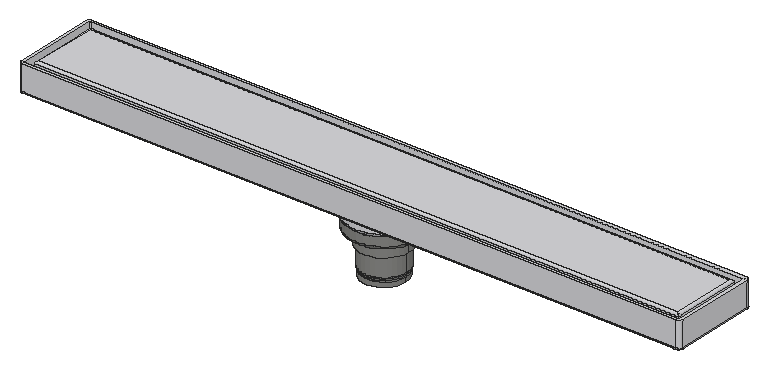
Revit family "Shower-Drain-KOHLER-K-75423T_1", category Plumbing Fixtures, host Face, Revit 2017
Family settings
  Host = Face
  Round Connector Dimension = Use Diameter
  Part Type = Normal
  OmniClass Number = 23.31.17.29
  OmniClass Title = Shower Drains
  Cut with Voids When Loaded = No
  Shared = No
  Room Calculation Point = No
Parameters (values of type "CP-Polished Chrome")
  Width = 3.14961"  # constant formula
  WaterSense Certified = 1 = 0  # no
  Waste Water Outlet = "Waste Water Outlet"  # constant formula
  Waste Connection = 1 = 1  # yes
  Vent Connection = 1 = 0  # no
  URL = "http://www.kohler.com.cn/"
  Product Page URL = "https://www.kohler.com.cn/product/K-75423T-CP/K-75423T-CP/"
  Product Name = ""
  Product Documentation Link = "https://files.kohler.com.cn/pdfs/1524222913094_K-75423T-CP-sms.pdf"
  Model = "K-75423T-CP"  # constant formula
  Material = "Premium Metal Construction"  # constant formula
  MasterFormat 2004 = "22.41.16"  # constant formula
  MasterFormat 1995 = "15410"  # constant formula
  Manufacturer Address = "Kohler Beijing Office (100016) 36-2-03-B, No. 88, Liuxiang Road, Beijing"  # constant formula
  Manufacturer = "KOHLER Co."  # constant formula
  Length = 23.62205"  # constant formula
  Hot Water Inlet = "Hot Water Inlet"  # constant formula
  Height = 3.30709"  # constant formula
  HW Connection = 1 = 0  # no
  Finish = Kohler-Metal-CP-Polished_Chrome
  Environmental Product Declaration = ""
  Drain Included = 1 = 1  # yes
  Description = "Large traffic is hidden."  # constant formula
  Default Elevation = 0"
  Declare Label = ""
  Date Modified = "10/19/2020"  # constant formula
  Date Created = "10/19/2020"  # constant formula
  Copyright = "Copyright KOHLER Co."  # constant formula
  Contact Us = "http://www.kohler.com.cn/contact/contact-us/"
  Cold Water Inlet = "Cold Water Inlet"  # constant formula
  CW Connection = 1 = 0  # no
  Assembly Code = "D2010"
  ADA Compliant = 1 = 0  # no
Reference planes (in)
  plane 1 "Center (Front/Back)": y = 0
  plane 2: z = 0
  plane 3 "Center (Left/Right)": x = 0
  plane 4: y = 1.5748
  plane 5: y = -1.5748
  plane 6: x = -11.81102
  plane 7: y = 1.46887
  plane 8: y = 1.24016
  plane 9: y = -1.24016
  plane 10: x = 11.81102
  plane 11: x = 11.49714
  plane 12: x = -11.49714
  plane 13: x = -1.26161
  plane 14: x = -0.88583
  plane 15: x = -0.80702
  plane 16: z = -3.30709
  plane 17: z = -1.81102
  plane 18: z = -0.94488
  plane 19: x = 1.26161
  plane 20: x = 0.88583
  plane 21: x = 0.80702
Forms (in)
  Extrusion 1, void
    sketch origin (0, 0, 0) x (1, 0, 0) y (0, 1, 0)
      loop
        line (-11.81102, 1.43459) -> (-11.81102, -1.43418)
        arc (-11.81102, -1.43418) -> (-11.76984, -1.53362) -> (-11.6704, -1.5748) r 0.14062
        line (-11.6704, -1.5748) -> (11.6704, -1.5748)
        arc (11.6704, -1.5748) -> (11.76984, -1.53362) -> (11.81102, -1.43418) r 0.14062
        line (11.81102, -1.43418) -> (11.81102, 1.43418)
        arc (11.81102, 1.43418) -> (11.76984, 1.53362) -> (11.6704, 1.5748) r 0.14062
        line (11.6704, 1.5748) -> (-11.67081, 1.5748)
        arc (-11.67081, 1.5748) -> (-11.76996, 1.53374) -> (-11.81102, 1.43459) r 0.14021
    from -0.94908 to 0.93767
  Extrusion 2, void
    sketch origin (0, 0, 0) x (1, 0, 0) y (0, 1, 0)
      loop
        circle (0, 0) r 1.26161
    from -3.30709 to -0.76802
Dimensions and locks (in)
  locked: plane 9 to plane 8 at 2.48031
  locked: plane 12 to plane 11 at 22.99429
  locked: plane 13 to plane 19 at 2.52322
  plane 14 to plane 20 = 1.77165"
  plane 15 to plane 21 = 1.61405"
  "Length": plane 6 to plane 10
  "Width": plane 4 to plane 5
  "Height": plane 2 to plane 16
  locked: plane 2 to plane 18 at 0.94488
  locked: plane 2 to plane 17 at 1.81102
  aligned and locked: plane 2 to host face
  aligned and locked: level to host face
Automatic sketch dimensions
  host sketch curve to host sketch curve = 96"  (x2)
  Extrusion 1 sketch curve to plane 10 = 0"
  plane 1 "Center (Front/Back)" to Extrusion 2 sketch curve = 0"
  Extrusion 2 sketch curve to plane 3 "Center (Left/Right)" = 0"
  Extrusion 1 sketch curve to plane 7 = 0.03428"
  Extrusion 1 sketch curve to Extrusion 1 sketch curve = 9/64"
  Extrusion 1 sketch curve to plane 5 = 9/64"
  Extrusion 1 sketch curve to plane 7 = 0.03469"
  Extrusion 1 sketch curve to plane 4 = 0"
  plane 5 to Extrusion 1 sketch curve = 0"
  Extrusion 1 sketch curve to plane 6 = 0"
  radius of Extrusion 2 sketch curve = 1.26161"
Nested families (in)
  nested 1: "K-75423T" at (0, 0, -3.83696), type "K-75423T"
Connectors (in)
  piping at (0, 0, -3.30709), diameter 1.5, driven by "Waste Connection", driven by "Waste Water Outlet"
    settings: on nested 1, index 1, connector inside diameter 24", connector length 0", flow factor 0, pipe flow 0 GPM, pressure drop 0.00 psi, fitting loss kfactor 0, connector angle 0.00°, fixture units 0, engagement length 0", angle of deflection 0.00°, flow configuration 0, flow direction 2, fitting loss method 0, system type 16, joint type 0, gender type 0, connector reference index -1, connector utility 1, adjustable connector no, is connector primary yes, connector description "Waste Water Outlet"
Definition of nested family "K-75423T"
  Parameters (values of type "K-75423T")
    Material = none
  Reference planes (in)
    plane 1 "Center (Front/Back)": y = 0
    plane 2: z = 0
    plane 3 "Center (Left/Right)": x = 0
    plane 4: x = -11.81102
    plane 5: x = 11.81102
    plane 6: y = -1.5748
    plane 7: z = 3.83696
    plane 8: z = 2.89208
    plane 9: z = 0.52987
    plane 10: z = 2.02593
    plane 11: x = -0.88583
    plane 12: x = 0.88583
    plane 13: x = -0.80702
    plane 14: x = 0.80702
    plane 15: x = -1.26161
    plane 16: x = 1.26161
    plane 17: y = 1.5748
    plane 18: y = 1.24016
    plane 19: y = -1.24016
    plane 20: x = -11.49714
    plane 21: x = 11.49714
    plane 22: y = -1.26104
    plane 23: y = 1.26104
    plane 24: y = -0.88583
    plane 25: y = 0.88583
    plane 26: y = -0.80645
    plane 27: y = 0.80645
  Forms (in)
    Sweep 1, solid, material <- "Material", detail levels medium+fine
      path origin (0, 0, 0) x (1, 0, 0) y (0, 1, 0)
        loop
          line (11.6704, 1.5748) -> (-11.67081, 1.5748)
          arc (-11.67081, 1.5748) -> (-11.76996, 1.53374) -> (-11.81102, 1.43459) r 0.14021
          line (-11.81102, 1.43459) -> (-11.81102, -1.43418)
          arc (-11.81102, -1.43418) -> (-11.76984, -1.53362) -> (-11.6704, -1.5748) r 0.14063
          line (-11.6704, -1.5748) -> (11.6704, -1.5748)
          arc (11.6704, -1.5748) -> (11.76984, -1.53362) -> (11.81102, -1.43418) r 0.14063
          line (11.81102, -1.43418) -> (11.81102, 1.43418)
          arc (11.81102, 1.43418) -> (11.76984, 1.53362) -> (11.6704, 1.5748) r 0.14063
      profile origin (11.81102, 0, 0) x (1, 0, 0) y (0, 0, 1)
        loop
          line (0, 3.83696) -> (-0.10593, 3.83696) -> (-0.10593, 2.89208) -> (-0.06037, 2.89208)
          arc (-0.06037, 2.89208) -> (-0.01768, 2.90976) -> (0, 2.95244) r 0.06037
          line (0, 2.95244) -> (0, 3.83696)
    Sweep 2, solid, material <- "Material", detail levels medium+fine
      path origin (0, 0, 0) x (1, 0, 0) y (0, 1, 0)
        loop
          line (-11.49606, -1.24016) -> (11.49606, -1.24016) -> (11.49606, 1.24016) -> (-11.49606, 1.24016) -> (-11.49606, -1.24016)
      profile origin (-11.49606, 0, 0) x (-1, 0, 0) y (0, 0, 1)
        loop
          line (0, 3.29861) -> (0, 3.75)
          arc (0, 3.75) -> (-0.02306, 3.80568) -> (-0.07874, 3.82874) r 0.07874
          line (-0.07874, 3.82874) -> (-0.07874, 3.25793) -> (-0.04068, 3.25793)
          arc (-0.04068, 3.25793) -> (-0.01192, 3.26985) -> (0, 3.29861) r 0.04068
    Extrusion 3, solid, material <- "Material", detail levels medium+fine
      sketch origin (0, 0, 0) x (1, 0, 0) y (0, 1, 0)
        loop
          line (-11.41732, 1.16142) -> (-11.41732, -1.16142) -> (11.41732, -1.16142) -> (11.41732, 1.16142) -> (-11.41732, 1.16142)
      from 3.25793 to 3.82874
    Extrusion 4, solid, material <- "Material", detail levels medium+fine
      sketch origin (0, 0, 0) x (1, 0, 0) y (0, 1, 0)
        loop
          line (11.70509, -1.46887) -> (11.70509, 1.46887) -> (-11.70509, 1.46887) -> (-11.70509, -1.46887) -> (11.70509, -1.46887)
      from 2.89208 to 2.90249
    Revolve 5, solid, detail levels medium+fine
      sketch origin (0, 0, 0) x (1, 0, 0) y (0, 0, 1)
        loop
          line (0, 0.52987) -> (0.7672, 0.52987) -> (0.7672, 0.69986)
          arc (0.7672, 0.69986) -> (0.7697, 0.72846) -> (0.77713, 0.7562) r 0.16472
          line (0.77713, 0.7562) -> (0.80067, 0.82088)
          arc (0.80067, 0.82088) -> (0.80542, 0.83861) -> (0.80702, 0.8569) r 0.10531
          line (0.80702, 0.8569) -> (0.80702, 1.53346) -> (0.88583, 1.53346) -> (0.88583, 2.02593) -> (1.18316, 2.02593)
          arc (1.18316, 2.02593) -> (1.22211, 2.04207) -> (1.23824, 2.08102) r 0.05509
          line (1.23824, 2.08102) -> (1.23824, 2.41142) -> (1.18406, 2.41142) -> (0, 2.41142) -> (0, 0.52987)
        axis (0, 0.52987) -> (0, 2.41142)
      angle from 0 to 360
    Revolve 6, solid, material <- "Material", detail levels medium+fine
      sketch origin (0, 0, 0) x (1, 0, 0) y (0, 0, 1)
        loop
          line (1.26161, 2.48753) -> (1.26161, 2.92303) -> (0, 2.92303) -> (0, 2.41142) -> (1.18549, 2.41142)
          arc (1.18549, 2.41142) -> (1.23931, 2.43371) -> (1.26161, 2.48753) r 0.07612
        axis (0, 2.41142) -> (0, 2.92303)
      angle from 0 to 360
    Extrusion 7, solid, material <- "Material", detail levels coarse
      sketch origin (0, 0, 0) x (1, 0, 0) y (0, 1, 0)
        loop
          line (11.6704, 1.5748) -> (-11.67081, 1.5748)
          arc (-11.67081, 1.5748) -> (-11.76996, 1.53374) -> (-11.81102, 1.43459) r 0.14021
          line (-11.81102, 1.43459) -> (-11.81102, -1.43418)
          arc (-11.81102, -1.43418) -> (-11.76984, -1.53362) -> (-11.6704, -1.5748) r 0.14062
          line (-11.6704, -1.5748) -> (11.6704, -1.5748)
          arc (11.6704, -1.5748) -> (11.76984, -1.53362) -> (11.81102, -1.43418) r 0.14062
          line (11.81102, -1.43418) -> (11.81102, 1.43418)
          arc (11.81102, 1.43418) -> (11.76984, 1.53362) -> (11.6704, 1.5748) r 0.14062
      from 2.89208 to 3.83696
    Extrusion 8, solid, material <- "Material", detail levels coarse
      sketch origin (0, 0, 0) x (1, 0, 0) y (0, 1, 0)
        loop
          circle (0, 0) r 1.26005
      from 0.52987 to 2.89208
  Cuts and joins
    joined: Sweep 2, Extrusion 3
    joined: Sweep 1, Extrusion 4
    joined: Extrusion 7, Extrusion 8
  Lines and regions (in)
    Masking region 1
      outline origin (0, 0, 0) x (1, 0, 0) y (0, 1, 0)
        loop
          line (11.67283, 1.5748) -> (-11.67323, 1.5748)
          arc (-11.67323, 1.5748) -> (-11.77066, 1.53444) -> (-11.81102, 1.43701) r 0.1378
          line (-11.81102, 1.43701) -> (-11.81102, -1.43701)
          arc (-11.81102, -1.43701) -> (-11.77066, -1.53444) -> (-11.67323, -1.5748) r 0.1378
          line (-11.67323, -1.5748) -> (11.67323, -1.5748)
          arc (11.67323, -1.5748) -> (11.77066, -1.53444) -> (11.81102, -1.43701) r 0.1378
          line (11.81102, -1.43701) -> (11.81102, 1.43661)
          arc (11.81102, 1.43661) -> (11.77055, 1.53433) -> (11.67283, 1.5748) r 0.13819
    Masking region 2
      outline origin (0, 0, 0) x (1, 0, 0) y (0, 0, 1)
        loop
          arc (-11.81102, 2.95235) -> (-11.79337, 2.90973) -> (-11.75075, 2.89208) r 0.06027
          line (-11.75075, 2.89208) -> (-1.26161, 2.89208) -> (-1.26161, 2.4872)
          arc (-1.26161, 2.4872) -> (-1.23941, 2.43361) -> (-1.18562, 2.41134) r 0.07578
          line (-1.18562, 2.41134) -> (-1.23649, 2.41134) -> (-1.23649, 2.07713)
          arc (-1.23649, 2.07713) -> (-1.22149, 2.04093) -> (-1.18529, 2.02593) r 0.0512
          line (-1.18529, 2.02593) -> (-0.88583, 2.02593) -> (-0.88583, 1.53346) -> (-0.80702, 1.53346) -> (-0.80702, 0.86609)
          arc (-0.80702, 0.86609) -> (-0.805, 0.84252) -> (-0.79897, 0.81964) r 0.13795
          line (-0.79897, 0.81964) -> (-0.7785, 0.7624)
          arc (-0.7785, 0.7624) -> (-0.77004, 0.72437) -> (-0.7672, 0.68553) r 0.26699
          line (-0.7672, 0.68553) -> (-0.7672, 0.52987) -> (0.7672, 0.52987) -> (0.7672, 0.68553)
          arc (0.7672, 0.68553) -> (0.77004, 0.72437) -> (0.7785, 0.7624) r 0.26699
          line (0.7785, 0.7624) -> (0.79897, 0.81964)
          arc (0.79897, 0.81964) -> (0.805, 0.84252) -> (0.80702, 0.86609) r 0.13795
          line (0.80702, 0.86609) -> (0.80702, 1.53346) -> (0.88583, 1.53346) -> (0.88583, 2.02593) -> (1.18529, 2.02593)
          arc (1.18529, 2.02593) -> (1.22149, 2.04093) -> (1.23649, 2.07713) r 0.0512
          line (1.23649, 2.07713) -> (1.23649, 2.41134) -> (1.18583, 2.41142)
          arc (1.18583, 2.41142) -> (1.23941, 2.43361) -> (1.26161, 2.4872) r 0.07578
          line (1.26161, 2.4872) -> (1.26161, 2.89208) -> (11.7516, 2.89208)
          arc (11.7516, 2.89208) -> (11.79362, 2.90948) -> (11.81102, 2.9515) r 0.05942
          line (11.81102, 2.9515) -> (11.81102, 3.83696) -> (-11.81102, 3.83696) -> (-11.81102, 2.95235)
    Masking region 3
      outline origin (0, 0, 0) x (0, 1, 0) y (0, 0, 1)
        loop
          line (-1.26104, 2.89208) -> (-1.26104, 2.4872)
          arc (-1.26104, 2.4872) -> (-1.23884, 2.43361) -> (-1.18525, 2.41142) r 0.07578
          line (-1.18525, 2.41142) -> (-1.23591, 2.41134) -> (-1.23591, 2.07713)
          arc (-1.23591, 2.07713) -> (-1.22092, 2.04093) -> (-1.18471, 2.02593) r 0.0512
          line (-1.18471, 2.02593) -> (-0.88583, 2.02593) -> (-0.88583, 1.53346) -> (-0.80645, 1.53346) -> (-0.80645, 0.86609)
          arc (-0.80645, 0.86609) -> (-0.80442, 0.84252) -> (-0.7984, 0.81964) r 0.13795
          line (-0.7984, 0.81964) -> (-0.77793, 0.7624)
          arc (-0.77793, 0.7624) -> (-0.76947, 0.72437) -> (-0.76662, 0.68553) r 0.26699
          line (-0.76662, 0.68553) -> (-0.76662, 0.52987) -> (0.76777, 0.52987) -> (0.76777, 0.68553)
          arc (0.76777, 0.68553) -> (0.77061, 0.72437) -> (0.77908, 0.7624) r 0.26699
          line (0.77908, 0.7624) -> (0.7984, 0.81643)
          arc (0.7984, 0.81643) -> (0.80442, 0.83931) -> (0.80645, 0.86288) r 0.13795
          line (0.80645, 0.86288) -> (0.80645, 1.53346) -> (0.88583, 1.53346) -> (0.88583, 2.02593) -> (1.18586, 2.02593)
          arc (1.18586, 2.02593) -> (1.22206, 2.04093) -> (1.23706, 2.07713) r 0.0512
          line (1.23706, 2.07713) -> (1.23706, 2.41134) -> (1.18619, 2.41134)
          arc (1.18619, 2.41134) -> (1.23884, 2.43361) -> (1.26104, 2.4872) r 0.07578
          line (1.26104, 2.4872) -> (1.26104, 2.89208) -> (1.51693, 2.89208)
          arc (1.51693, 2.89208) -> (1.55785, 2.90903) -> (1.5748, 2.94995) r 0.05788
          line (1.5748, 2.94995) -> (1.5748, 3.83696) -> (-1.5748, 3.83696) -> (-1.5748, 2.95205)
          arc (-1.5748, 2.95205) -> (-1.55724, 2.90964) -> (-1.51483, 2.89208) r 0.05998
          line (-1.51483, 2.89208) -> (-1.26104, 2.89208)
    symbolic lines, detail levels medium+fine
      curve 1: line (-11.67081, 1.46887, 0) -> (11.6704, 1.46887, 0)
      curve 2: arc (11.6704, 1.46887, 0) -> (11.69493, 1.45871, 0) -> (11.70509, 1.43418, 0) r 0.03469
      curve 3: line (11.70509, 1.43418, 0) -> (11.70509, -1.43418, 0)
      curve 4: arc (11.70509, -1.43418, 0) -> (11.69493, -1.45871, 0) -> (11.6704, -1.46887, 0) r 0.03469
      curve 5: line (11.6704, -1.46887, 0) -> (-11.6704, -1.46887, 0)
      curve 6: arc (-11.6704, -1.46887, 0) -> (-11.69493, -1.45871, 0) -> (-11.70509, -1.43418, 0) r 0.03469
      curve 7: line (-11.70509, -1.43418, 0) -> (-11.70509, 1.43459, 0)
      curve 8: arc (-11.70509, 1.43459, 0) -> (-11.69505, 1.45883, 0) -> (-11.67081, 1.46887, 0) r 0.03428
      curve 9: line (-11.49714, -1.20079, 0) -> (-11.49714, 1.20079, 0)
      curve 10: line (11.45777, 1.24016, 0) -> (-11.45777, 1.24016, 0)
      curve 11: line (11.45777, -1.24016, 0) -> (-11.45777, -1.24016, 0)
      curve 12: line (11.49714, -1.20079, 0) -> (11.49714, 1.20079, 0)
      curve 13: line (-1.26161, 0, 2.89208) -> (1.26161, 0, 2.89208)
      curve 14: line (-1.21095, 0, 2.41142) -> (1.19634, 0, 2.41142)
      curve 15: line (-0.88955, 0, 2.02593) -> (0.88955, 0, 2.02593)
      curve 16: line (-0.80702, 0, 1.53346) -> (0.80702, 0, 1.53346)
      curve 17: line (-1.23197, 0, 2.11123) -> (-1.23197, 0, 2.41142)
      curve 18: line (-1.21095, 0, 2.41142) -> (-1.21095, 0, 2.11123)
      curve 19: line (-1.1955, 0, 2.08102) -> (-1.19732, 0, 2.41142)
      curve 20: line (-1.15559, 0, 2.41142) -> (-1.15811, 0, 2.08102)
      curve 21: line (-1.13033, 0, 2.08102) -> (-1.1332, 0, 2.41142)
      curve 22: line (-1.07178, 0, 2.41142) -> (-1.07178, 0, 2.11123)
      curve 23: line (-1.04117, 0, 2.1111) -> (-1.04117, 0, 2.41142)
      curve 24: line (-0.96158, 0, 2.41142) -> (-0.96158, 0, 2.11123)
      curve 25: line (-0.96601, 0, 2.08102) -> (-1.03733, 0, 2.08102)
      curve 26: spline (-1.03733, 0, 2.08102) -> (-1.03794, 0, 2.08337) -> (-1.03849, 0, 2.08576) -> (-1.039, 0, 2.08819) -> (-1.03945, 0, 2.09065) -> (-1.03985, 0, 2.09314) -> (-1.0402, 0, 2.09566) -> (-1.0405, 0, 2.09819) -> (-1.04074, 0, 2.10075) -> (-1.04093, 0, 2.10333) -> (-1.04106, 0, 2.10591) -> (-1.04114, 0, 2.10851) -> (-1.04117, 0, 2.1111)
      curve 27: spline (-0.96158, 0, 2.11123) -> (-0.96161, 0, 2.10863) -> (-0.9617, 0, 2.10602) -> (-0.96186, 0, 2.10343) -> (-0.96208, 0, 2.10084) -> (-0.96236, 0, 2.09827) -> (-0.9627, 0, 2.09572) -> (-0.9631, 0, 2.09319) -> (-0.96357, 0, 2.09069) -> (-0.96409, 0, 2.08822) -> (-0.96467, 0, 2.08578) -> (-0.96531, 0, 2.08338) -> (-0.96601, 0, 2.08102)
      curve 28: line (-1.0753, 0, 2.08102) -> (-1.13033, 0, 2.08102)
      curve 29: line (-1.15811, 0, 2.08102) -> (-1.1955, 0, 2.08102)
      curve 30: line (-0.83294, 0, 2.08102) -> (-0.91879, 0, 2.08102)
      curve 31: line (-0.8277, 0, 2.41142) -> (-0.8277, 0, 2.11123)
      curve 32: line (-0.92351, 0, 2.11123) -> (-0.92351, 0, 2.41142)
      curve 33: line (-0.67935, 0, 2.08102) -> (-0.77762, 0, 2.08102)
      curve 34: line (-0.7831, 0, 2.11123) -> (-0.7831, 0, 2.41142)
      curve 35: line (-0.67344, 0, 2.41142) -> (-0.67344, 0, 2.11123)
      curve 36: line (-0.50904, 0, 2.08102) -> (-0.6173, 0, 2.08102)
      curve 37: line (-0.62341, 0, 2.11123) -> (-0.62341, 0, 2.41142)
      curve 38: line (-0.5026, 0, 2.41142) -> (-0.5026, 0, 2.11123)
      curve 39: line (-0.3262, 0, 2.08102) -> (-0.44179, 0, 2.08102)
      curve 40: line (-0.44838, 0, 2.11123) -> (-0.44838, 0, 2.41142)
      curve 41: line (-0.31938, 0, 2.41142) -> (-0.31938, 0, 2.11123)
      curve 42: line (-0.13532, 0, 2.08102) -> (-0.25539, 0, 2.08102)
      curve 43: line (-0.2623, 0, 2.11123) -> (-0.2623, 0, 2.41142)
      curve 44: line (-0.1283, 0, 2.41142) -> (-0.1283, 0, 2.11123)
      curve 45: line (-0.06976, 0, 2.41142) -> (-0.06976, 0, 2.11123)
      curve 46: line (0.06594, 0, 2.11123) -> (0.06594, 0, 2.41142)
      curve 47: spline (-0.06976, 0, 2.11123) -> (-0.06745, 0, 2.09362) -> (-0.06067, 0, 2.0772) -> (-0.04989, 0, 2.0631) -> (-0.03583, 0, 2.05229) -> (-0.01947, 0, 2.04549) -> (-0.00191, 0, 2.04317) -> (0.01565, 0, 2.04549) -> (0.03202, 0, 2.05229) -> (0.04607, 0, 2.0631) -> (0.05685, 0, 2.0772) -> (0.06363, 0, 2.09362) -> (0.06594, 0, 2.11123)
      curve 48: line (0.1245, 0, 2.11123) -> (0.1245, 0, 2.41142)
      curve 49: line (0.25856, 0, 2.41142) -> (0.25856, 0, 2.11123)
      curve 50: line (0.25165, 0, 2.08102) -> (0.13152, 0, 2.08102)
      curve 51: line (0.31569, 0, 2.11123) -> (0.31569, 0, 2.41142)
      curve 52: line (0.44481, 0, 2.41142) -> (0.44481, 0, 2.11123)
      curve 53: line (0.43821, 0, 2.08102) -> (0.32251, 0, 2.08102)
      curve 54: line (0.4991, 0, 2.11123) -> (0.4991, 0, 2.41142)
      curve 55: line (0.62011, 0, 2.41142) -> (0.62011, 0, 2.11123)
      curve 56: line (0.61399, 0, 2.08102) -> (0.50556, 0, 2.08102)
      curve 57: line (0.67023, 0, 2.11123) -> (0.67023, 0, 2.41142)
      curve 58: line (0.78014, 0, 2.41142) -> (0.78014, 0, 2.11123)
      curve 59: line (0.77464, 0, 2.08102) -> (0.67615, 0, 2.08102)
      curve 60: line (0.82485, 0, 2.11123) -> (0.82485, 0, 2.41142)
      curve 61: line (0.92096, 0, 2.41142) -> (0.92096, 0, 2.11123)
      curve 62: line (0.91622, 0, 2.08102) -> (0.82999, 0, 2.08102)
      curve 63: line (0.95916, 0, 2.11123) -> (0.95916, 0, 2.41142)
      curve 64: line (1.0391, 0, 2.41142) -> (1.0391, 0, 2.11123)
      curve 65: line (1.03524, 0, 2.08102) -> (0.96361, 0, 2.08102)
      curve 66: line (1.06986, 0, 2.11123) -> (1.06986, 0, 2.41142)
      curve 67: line (1.13165, 0, 2.41142) -> (1.13165, 0, 2.11123)
      curve 68: line (1.12877, 0, 2.08102) -> (1.0734, 0, 2.08102)
      curve 69: line (1.15421, 0, 2.11123) -> (1.15421, 0, 2.41142)
      curve 70: line (1.19634, 0, 2.41142) -> (1.19634, 0, 2.11123)
      curve 71: line (1.1945, 0, 2.08102) -> (1.15676, 0, 2.08102)
      curve 72: line (1.21014, 0, 2.11123) -> (1.21014, 0, 2.41142)
      curve 73: line (1.23158, 0, 2.41142) -> (1.23158, 0, 2.11123)
      curve 74: arc (-1.07178, 0, 2.11123) -> (-1.07266, 0, 2.09603) -> (-1.0753, 0, 2.08102) r 0.1315
      curve 75: arc (-0.91879, 0, 2.08102) -> (-0.92232, 0, 2.09594) -> (-0.92351, 0, 2.11123) r 0.09909
      curve 76: arc (-0.8277, 0, 2.11123) -> (-0.82902, 0, 2.0959) -> (-0.83294, 0, 2.08102) r 0.08977
      curve 77: arc (-0.77762, 0, 2.08102) -> (-0.78172, 0, 2.09588) -> (-0.7831, 0, 2.11123) r 0.086
      curve 78: arc (-0.67344, 0, 2.11123) -> (-0.67493, 0, 2.09584) -> (-0.67935, 0, 2.08102) r 0.08014
      curve 79: arc (-0.6173, 0, 2.08102) -> (-0.62187, 0, 2.09582) -> (-0.62341, 0, 2.11123) r 0.07775
      curve 80: arc (-0.5026, 0, 2.11123) -> (-0.50423, 0, 2.09579) -> (-0.50904, 0, 2.08102) r 0.07405
      curve 81: arc (-0.44179, 0, 2.08102) -> (-0.44671, 0, 2.09577) -> (-0.44838, 0, 2.11123) r 0.07257
      curve 82: arc (-0.31938, 0, 2.11123) -> (-0.32111, 0, 2.09575) -> (-0.3262, 0, 2.08102) r 0.07038
      curve 83: arc (-0.25539, 0, 2.08102) -> (-0.26055, 0, 2.09574) -> (-0.2623, 0, 2.11123) r 0.06956
      curve 84: arc (-0.1283, 0, 2.11123) -> (-0.13008, 0, 2.09572) -> (-0.13532, 0, 2.08102) r 0.06853
      curve 85: arc (0.13152, 0, 2.08102) -> (0.12627, 0, 2.09572) -> (0.1245, 0, 2.11123) r 0.0685
      curve 86: arc (0.25856, 0, 2.11123) -> (0.25681, 0, 2.09574) -> (0.25165, 0, 2.08102) r 0.06952
      curve 87: arc (0.32251, 0, 2.08102) -> (0.31741, 0, 2.09575) -> (0.31569, 0, 2.11123) r 0.07031
      curve 88: arc (0.44481, 0, 2.11123) -> (0.44314, 0, 2.09577) -> (0.43821, 0, 2.08102) r 0.0725
      curve 89: arc (0.50556, 0, 2.08102) -> (0.50073, 0, 2.09579) -> (0.4991, 0, 2.11123) r 0.07395
      curve 90: arc (0.62011, 0, 2.11123) -> (0.61856, 0, 2.09582) -> (0.61399, 0, 2.08102) r 0.07763
      curve 91: arc (0.67615, 0, 2.08102) -> (0.67172, 0, 2.09584) -> (0.67023, 0, 2.11123) r 0.07998
      curve 92: arc (0.78014, 0, 2.11123) -> (0.77875, 0, 2.09588) -> (0.77464, 0, 2.08102) r 0.08581
      curve 93: arc (0.82999, 0, 2.08102) -> (0.82615, 0, 2.09591) -> (0.82485, 0, 2.11123) r 0.09141
      curve 94: arc (0.92096, 0, 2.11123) -> (0.91976, 0, 2.09594) -> (0.91622, 0, 2.08102) r 0.09878
      curve 95: arc (0.96361, 0, 2.08102) -> (0.96028, 0, 2.09596) -> (0.95916, 0, 2.11123) r 0.1048
      curve 96: arc (1.0391, 0, 2.11123) -> (1.03813, 0, 2.096) -> (1.03524, 0, 2.08102) r 0.12028
      curve 97: arc (1.0734, 0, 2.08102) -> (1.07075, 0, 2.09602) -> (1.06986, 0, 2.11123) r 0.1308
      curve 98: arc (1.13165, 0, 2.11123) -> (1.13093, 0, 2.09606) -> (1.12877, 0, 2.08102) r 0.15971
      curve 99: arc (1.15676, 0, 2.08102) -> (1.15485, 0, 2.09607) -> (1.15421, 0, 2.11123) r 0.18063
      curve 100: arc (1.19634, 0, 2.11123) -> (1.19588, 0, 2.0961) -> (1.1945, 0, 2.08102) r 0.24893
      curve 101: arc (1.194, 0, 2.05484) -> (1.20603, 0, 2.08191) -> (1.21014, 0, 2.11123) r 0.10657
      curve 102: arc (1.23158, 0, 2.11123) -> (1.22132, 0, 2.07735) -> (1.194, 0, 2.05484) r 0.0611
      curve 103: arc (-1.21095, 0, 2.11123) -> (-1.20591, 0, 2.07769) -> (-1.19125, 0, 2.0471) r 0.11425
      curve 104: arc (-1.19125, 0, 2.0471) -> (-1.22093, 0, 2.07325) -> (-1.23197, 0, 2.11123) r 0.07086
      curve 105: line (-11.77783, 0, 3.83696) -> (-11.77783, 0, 2.96435)
      curve 106: line (-11.81086, 0, 2.95275) -> (11.81102, 0, 2.95275)
      curve 107: line (11.77783, 0, 3.83696) -> (11.77783, 0, 2.96435)
      curve 108: line (-1.26161, 0, 2.4872) -> (1.26161, 0, 2.4872)
      curve 109: line (-0.80702, 0, 0.86609) -> (0.80702, 0, 0.86609)
      curve 110: line (0.79897, 0, 0.81964) -> (-0.79897, 0, 0.81964)
      curve 111: line (-0.7672, 0, 0.68553) -> (0.7672, 0, 0.68553)
      curve 112: line (-0.7672, 0, 0.59111) -> (0.7672, 0, 0.59111)
      curve 113: line (0, -1.26104, 2.89208) -> (0, 1.29802, 2.89208)
      curve 114: line (0, -0.88525, 2.02593) -> (0, 0.8864, 2.02593)
      curve 115: line (0, -0.80702, 1.53346) -> (0, 0.8076, 1.53346)
      curve 116: line (0, -1.23197, 2.41142) -> (0, 1.19634, 2.41142)
      curve 117: line (0, -1.26104, 2.4872) -> (0, 1.26218, 2.4872)
      curve 118: line (0, -0.80645, 0.86609) -> (0, 0.8076, 0.86609)
      curve 119: line (0, -0.7984, 0.81964) -> (0, 0.79954, 0.81964)
      curve 120: line (0, 0.76777, 0.68553) -> (0, -0.76662, 0.68553)
      curve 121: line (0, -0.76662, 0.59111) -> (0, 0.76777, 0.59111)
      curve 122: line (0, -1.23197, 2.11123) -> (0, -1.23197, 2.41142)
      curve 123: line (0, -1.21095, 2.41142) -> (0, -1.21095, 2.11123)
      curve 124: line (0, -1.19732, 2.11123) -> (0, -1.19732, 2.41142)
      curve 125: line (0, -1.15559, 2.41142) -> (0, -1.15559, 2.11123)
      curve 126: line (0, -1.1332, 2.11123) -> (0, -1.1332, 2.41142)
      curve 127: line (0, -1.07178, 2.41142) -> (0, -1.07178, 2.11123)
      curve 128: line (0, -1.0753, 2.08102) -> (0, -1.13033, 2.08102)
      curve 129: line (0, -1.15811, 2.08102) -> (0, -1.1955, 2.08102)
      curve 130: line (0, -1.04117, 2.1111) -> (0, -1.04117, 2.41142)
      curve 131: line (0, -0.96158, 2.41142) -> (0, -0.96158, 2.11123)
      curve 132: line (0, -0.96601, 2.08102) -> (0, -1.03733, 2.08102)
      curve 133: line (0, -0.92351, 2.11114) -> (0, -0.92351, 2.41142)
      curve 134: line (0, -0.8277, 2.41142) -> (0, -0.8277, 2.11123)
      curve 135: line (0, -0.83294, 2.08102) -> (0, -0.91879, 2.08102)
      curve 136: line (0, -0.7831, 2.11116) -> (0, -0.7831, 2.41142)
      curve 137: line (0, -0.67344, 2.41142) -> (0, -0.67344, 2.11123)
      curve 138: line (0, -0.67935, 2.08102) -> (0, -0.77762, 2.08102)
      curve 139: line (0, -0.50904, 2.08102) -> (0, -0.6173, 2.08102)
      curve 140: line (0, -0.62341, 2.11118) -> (0, -0.62341, 2.41142)
      curve 141: line (0, -0.5026, 2.41142) -> (0, -0.5026, 2.11123)
      curve 142: line (0, -0.44838, 2.1112) -> (0, -0.44838, 2.41142)
      curve 143: line (0, -0.31938, 2.41142) -> (0, -0.31938, 2.11123)
      curve 144: line (0, -0.3262, 2.08102) -> (0, -0.44179, 2.08102)
      curve 145: line (0, -0.2623, 2.11122) -> (0, -0.2623, 2.41142)
      curve 146: line (0, -0.1283, 2.41142) -> (0, -0.1283, 2.11123)
      curve 147: line (0, -0.13532, 2.08102) -> (0, -0.25539, 2.08102)
      curve 148: line (0, -0.06976, 2.41142) -> (0, -0.06976, 2.11123)
      curve 149: line (0, 0.06594, 2.11123) -> (0, 0.06594, 2.41142)
      curve 150: spline (0, -0.06976, 2.11123) -> (0, -0.06745, 2.09362) -> (0, -0.06067, 2.0772) -> (0, -0.04989, 2.0631) -> (0, -0.03583, 2.05229) -> (0, -0.01947, 2.04549) -> (0, -0.00191, 2.04317) -> (0, 0.01565, 2.04549) -> (0, 0.03202, 2.05229) -> (0, 0.04607, 2.0631) -> (0, 0.05685, 2.0772) -> (0, 0.06363, 2.09362) -> (0, 0.06594, 2.11123)
      curve 151: line (0, 0.1245, 2.11124) -> (0, 0.1245, 2.41142)
      curve 152: line (0, 0.25856, 2.41142) -> (0, 0.25856, 2.11123)
      curve 153: line (0, 0.25165, 2.08102) -> (0, 0.13152, 2.08102)
      curve 154: line (0, 0.31569, 2.11126) -> (0, 0.31569, 2.41142)
      curve 155: line (0, 0.44481, 2.41142) -> (0, 0.44481, 2.11123)
      curve 156: line (0, 0.43821, 2.08102) -> (0, 0.32251, 2.08102)
      curve 157: line (0, 0.4991, 2.11127) -> (0, 0.4991, 2.41142)
      curve 158: line (0, 0.62011, 2.41142) -> (0, 0.62011, 2.11123)
      curve 159: line (0, 0.61399, 2.08102) -> (0, 0.50556, 2.08102)
      curve 160: line (0, 0.67023, 2.11129) -> (0, 0.67023, 2.41142)
      curve 161: line (0, 0.78014, 2.41142) -> (0, 0.78014, 2.11123)
      curve 162: line (0, 0.77464, 2.08102) -> (0, 0.67615, 2.08102)
      curve 163: line (0, 0.82485, 2.11131) -> (0, 0.82485, 2.41142)
      curve 164: line (0, 0.92096, 2.41142) -> (0, 0.92096, 2.11123)
      curve 165: line (0, 0.91622, 2.08102) -> (0, 0.8301, 2.08102)
      curve 166: line (0, 0.95916, 2.11134) -> (0, 0.95916, 2.41142)
      curve 167: line (0, 1.0391, 2.41142) -> (0, 1.0391, 2.11123)
      curve 168: line (0, 1.03524, 2.08102) -> (0, 0.96361, 2.08102)
      curve 169: line (0, 1.06986, 2.11123) -> (0, 1.06986, 2.41142)
      curve 170: line (0, 1.13165, 2.41142) -> (0, 1.13165, 2.11123)
      curve 171: line (0, 1.12877, 2.08102) -> (0, 1.0734, 2.08102)
      curve 172: line (0, 1.15421, 2.11123) -> (0, 1.15421, 2.41142)
      curve 173: line (0, 1.19634, 2.41142) -> (0, 1.19634, 2.11123)
      curve 174: line (0, 1.1945, 2.08102) -> (0, 1.15675, 2.08102)
      curve 175: line (0, 1.21014, 2.11123) -> (0, 1.21014, 2.41142)
      curve 176: line (0, 1.23158, 2.41142) -> (0, 1.23158, 2.11123)
      curve 177: line (0, -1.5748, 2.95205) -> (0, 1.5748, 2.94995)
      curve 178: arc (0, -1.1955, 2.08102) -> (0, -1.19687, 2.0961) -> (0, -1.19732, 2.11123) r 0.25175
      curve 179: arc (0, -1.15559, 2.11123) -> (0, -1.15622, 2.09607) -> (0, -1.15811, 2.08102) r 0.18258
      curve 180: arc (0, -1.13033, 2.08102) -> (0, -1.13248, 2.09606) -> (0, -1.1332, 2.11123) r 0.16077
      curve 181: arc (0, -1.07178, 2.11123) -> (0, -1.07266, 2.09603) -> (0, -1.0753, 2.08102) r 0.1315
      curve 182: spline (0, -1.03733, 2.08102) -> (0, -1.03794, 2.08337) -> (0, -1.03849, 2.08576) -> (0, -1.039, 2.08819) -> (0, -1.03945, 2.09065) -> (0, -1.03985, 2.09314) -> (0, -1.0402, 2.09566) -> (0, -1.0405, 2.09819) -> (0, -1.04074, 2.10075) -> (0, -1.04093, 2.10333) -> (0, -1.04106, 2.10591) -> (0, -1.04114, 2.10851) -> (0, -1.04117, 2.1111)
      curve 183: spline (0, -0.96158, 2.11123) -> (0, -0.96161, 2.10863) -> (0, -0.9617, 2.10602) -> (0, -0.96186, 2.10343) -> (0, -0.96208, 2.10084) -> (0, -0.96236, 2.09827) -> (0, -0.9627, 2.09572) -> (0, -0.9631, 2.09319) -> (0, -0.96357, 2.09069) -> (0, -0.96409, 2.08822) -> (0, -0.96467, 2.08578) -> (0, -0.96531, 2.08338) -> (0, -0.96601, 2.08102)
      curve 184: spline (0, -0.91879, 2.08102) -> (0, -0.91953, 2.08337) -> (0, -0.92021, 2.08577) -> (0, -0.92083, 2.0882) -> (0, -0.92139, 2.09066) -> (0, -0.92188, 2.09315) -> (0, -0.92231, 2.09567) -> (0, -0.92267, 2.09822) -> (0, -0.92297, 2.10078) -> (0, -0.92321, 2.10335) -> (0, -0.92337, 2.10594) -> (0, -0.92347, 2.10854) -> (0, -0.92351, 2.11114)
      curve 185: spline (0, -0.8277, 2.11123) -> (0, -0.82774, 2.10863) -> (0, -0.82785, 2.10602) -> (0, -0.82803, 2.10343) -> (0, -0.82829, 2.10084) -> (0, -0.82862, 2.09827) -> (0, -0.82903, 2.09572) -> (0, -0.8295, 2.09319) -> (0, -0.83005, 2.09069) -> (0, -0.83067, 2.08822) -> (0, -0.83136, 2.08578) -> (0, -0.83211, 2.08338) -> (0, -0.83294, 2.08102)
      curve 186: spline (0, -0.77762, 2.08102) -> (0, -0.77848, 2.08337) -> (0, -0.77927, 2.08577) -> (0, -0.77999, 2.0882) -> (0, -0.78064, 2.09067) -> (0, -0.78121, 2.09316) -> (0, -0.78171, 2.09569) -> (0, -0.78214, 2.09823) -> (0, -0.78248, 2.10079) -> (0, -0.78275, 2.10337) -> (0, -0.78295, 2.10596) -> (0, -0.78306, 2.10856) -> (0, -0.7831, 2.11116)
      curve 187: spline (0, -0.67344, 2.11123) -> (0, -0.67348, 2.10863) -> (0, -0.67361, 2.10602) -> (0, -0.67381, 2.10343) -> (0, -0.67411, 2.10084) -> (0, -0.67448, 2.09827) -> (0, -0.67494, 2.09572) -> (0, -0.67547, 2.09319) -> (0, -0.67609, 2.09069) -> (0, -0.67679, 2.08822) -> (0, -0.67757, 2.08578) -> (0, -0.67842, 2.08338) -> (0, -0.67935, 2.08102)
      curve 188: spline (0, -0.6173, 2.08102) -> (0, -0.61826, 2.08338) -> (0, -0.61915, 2.08577) -> (0, -0.61995, 2.08821) -> (0, -0.62067, 2.09067) -> (0, -0.62131, 2.09317) -> (0, -0.62187, 2.0957) -> (0, -0.62234, 2.09824) -> (0, -0.62272, 2.10081) -> (0, -0.62303, 2.10339) -> (0, -0.62324, 2.10598) -> (0, -0.62337, 2.10858) -> (0, -0.62341, 2.11118)
      curve 189: spline (0, -0.5026, 2.11123) -> (0, -0.50264, 2.10863) -> (0, -0.50278, 2.10602) -> (0, -0.50301, 2.10343) -> (0, -0.50332, 2.10084) -> (0, -0.50373, 2.09827) -> (0, -0.50423, 2.09572) -> (0, -0.50482, 2.09319) -> (0, -0.50549, 2.09069) -> (0, -0.50625, 2.08822) -> (0, -0.5071, 2.08578) -> (0, -0.50803, 2.08338) -> (0, -0.50904, 2.08102)
      curve 190: spline (0, -0.44179, 2.08102) -> (0, -0.44282, 2.08338) -> (0, -0.44377, 2.08578) -> (0, -0.44464, 2.08821) -> (0, -0.44542, 2.09068) -> (0, -0.44611, 2.09318) -> (0, -0.44671, 2.0957) -> (0, -0.44721, 2.09825) -> (0, -0.44763, 2.10082) -> (0, -0.44796, 2.1034) -> (0, -0.44819, 2.10599) -> (0, -0.44833, 2.1086) -> (0, -0.44838, 2.1112)
      curve 191: spline (0, -0.31938, 2.11123) -> (0, -0.31943, 2.10863) -> (0, -0.31957, 2.10602) -> (0, -0.31981, 2.10343) -> (0, -0.32015, 2.10084) -> (0, -0.32058, 2.09827) -> (0, -0.32111, 2.09572) -> (0, -0.32173, 2.09319) -> (0, -0.32244, 2.09069) -> (0, -0.32324, 2.08822) -> (0, -0.32414, 2.08578) -> (0, -0.32512, 2.08338) -> (0, -0.3262, 2.08102)
      curve 192: spline (0, -0.25539, 2.08102) -> (0, -0.25648, 2.08338) -> (0, -0.25748, 2.08578) -> (0, -0.25838, 2.08821) -> (0, -0.2592, 2.09068) -> (0, -0.25992, 2.09318) -> (0, -0.26055, 2.09571) -> (0, -0.26108, 2.09826) -> (0, -0.26152, 2.10083) -> (0, -0.26186, 2.10341) -> (0, -0.2621, 2.10601) -> (0, -0.26225, 2.10861) -> (0, -0.2623, 2.11122)
      curve 193: spline (0, -0.1283, 2.11123) -> (0, -0.12835, 2.10863) -> (0, -0.1285, 2.10602) -> (0, -0.12874, 2.10343) -> (0, -0.12909, 2.10084) -> (0, -0.12953, 2.09827) -> (0, -0.13008, 2.09572) -> (0, -0.13071, 2.09319) -> (0, -0.13145, 2.09069) -> (0, -0.13228, 2.08822) -> (0, -0.1332, 2.08578) -> (0, -0.13421, 2.08338) -> (0, -0.13532, 2.08102)
      curve 194: spline (0, 0.13152, 2.08102) -> (0, 0.13041, 2.08338) -> (0, 0.1294, 2.08578) -> (0, 0.12848, 2.08822) -> (0, 0.12765, 2.09069) -> (0, 0.12691, 2.0932) -> (0, 0.12628, 2.09572) -> (0, 0.12573, 2.09828) -> (0, 0.12529, 2.10085) -> (0, 0.12494, 2.10343) -> (0, 0.12469, 2.10603) -> (0, 0.12455, 2.10864) -> (0, 0.1245, 2.11124)
      curve 195: spline (0, 0.25856, 2.11123) -> (0, 0.25851, 2.10863) -> (0, 0.25836, 2.10602) -> (0, 0.25812, 2.10343) -> (0, 0.25778, 2.10084) -> (0, 0.25734, 2.09827) -> (0, 0.25681, 2.09572) -> (0, 0.25618, 2.09319) -> (0, 0.25546, 2.09069) -> (0, 0.25464, 2.08822) -> (0, 0.25374, 2.08578) -> (0, 0.25274, 2.08338) -> (0, 0.25165, 2.08102)
      curve 196: spline (0, 0.44481, 2.11123) -> (0, 0.44476, 2.10863) -> (0, 0.44462, 2.10602) -> (0, 0.44439, 2.10343) -> (0, 0.44407, 2.10084) -> (0, 0.44365, 2.09827) -> (0, 0.44314, 2.09572) -> (0, 0.44254, 2.09319) -> (0, 0.44185, 2.09069) -> (0, 0.44107, 2.08822) -> (0, 0.4402, 2.08578) -> (0, 0.43925, 2.08338) -> (0, 0.43821, 2.08102)
      curve 197: spline (0, 0.32251, 2.08102) -> (0, 0.32143, 2.08338) -> (0, 0.32045, 2.08578) -> (0, 0.31955, 2.08822) -> (0, 0.31875, 2.0907) -> (0, 0.31803, 2.0932) -> (0, 0.31741, 2.09573) -> (0, 0.31689, 2.09828) -> (0, 0.31646, 2.10086) -> (0, 0.31612, 2.10344) -> (0, 0.31588, 2.10604) -> (0, 0.31573, 2.10865) -> (0, 0.31569, 2.11126)
      curve 198: spline (0, 0.50556, 2.08102) -> (0, 0.50454, 2.08338) -> (0, 0.50361, 2.08579) -> (0, 0.50276, 2.08823) -> (0, 0.502, 2.0907) -> (0, 0.50132, 2.09321) -> (0, 0.50074, 2.09574) -> (0, 0.50024, 2.09829) -> (0, 0.49983, 2.10087) -> (0, 0.49951, 2.10345) -> (0, 0.49928, 2.10605) -> (0, 0.49915, 2.10866) -> (0, 0.4991, 2.11127)
      curve 199: spline (0, 0.62011, 2.11123) -> (0, 0.62006, 2.10863) -> (0, 0.61993, 2.10602) -> (0, 0.61972, 2.10343) -> (0, 0.61942, 2.10084) -> (0, 0.61903, 2.09827) -> (0, 0.61856, 2.09572) -> (0, 0.618, 2.09319) -> (0, 0.61736, 2.09069) -> (0, 0.61664, 2.08822) -> (0, 0.61583, 2.08578) -> (0, 0.61495, 2.08338) -> (0, 0.61399, 2.08102)
      curve 200: spline (0, 0.67615, 2.08102) -> (0, 0.67522, 2.08338) -> (0, 0.67437, 2.08579) -> (0, 0.67359, 2.08823) -> (0, 0.67289, 2.09071) -> (0, 0.67227, 2.09321) -> (0, 0.67173, 2.09575) -> (0, 0.67127, 2.0983) -> (0, 0.6709, 2.10088) -> (0, 0.6706, 2.10347) -> (0, 0.6704, 2.10607) -> (0, 0.67027, 2.10868) -> (0, 0.67023, 2.11129)
      curve 201: spline (0, 0.78014, 2.11123) -> (0, 0.7801, 2.10863) -> (0, 0.77998, 2.10602) -> (0, 0.77979, 2.10343) -> (0, 0.77952, 2.10084) -> (0, 0.77917, 2.09827) -> (0, 0.77874, 2.09572) -> (0, 0.77824, 2.09319) -> (0, 0.77767, 2.09069) -> (0, 0.77702, 2.08822) -> (0, 0.7763, 2.08578) -> (0, 0.77551, 2.08338) -> (0, 0.77464, 2.08102)
      curve 202: spline (0, 0.8301, 2.08102) -> (0, 0.82928, 2.08339) -> (0, 0.82852, 2.08579) -> (0, 0.82783, 2.08824) -> (0, 0.82721, 2.09071) -> (0, 0.82666, 2.09322) -> (0, 0.82618, 2.09576) -> (0, 0.82578, 2.09832) -> (0, 0.82544, 2.10089) -> (0, 0.82519, 2.10348) -> (0, 0.825, 2.10609) -> (0, 0.82489, 2.1087) -> (0, 0.82485, 2.11131)
      curve 203: spline (0, 0.92096, 2.11123) -> (0, 0.92092, 2.10863) -> (0, 0.92082, 2.10602) -> (0, 0.92065, 2.10343) -> (0, 0.92042, 2.10084) -> (0, 0.92012, 2.09827) -> (0, 0.91976, 2.09572) -> (0, 0.91933, 2.09319) -> (0, 0.91883, 2.09069) -> (0, 0.91827, 2.08822) -> (0, 0.91765, 2.08578) -> (0, 0.91697, 2.08338) -> (0, 0.91622, 2.08102)
      curve 204: spline (0, 0.96361, 2.08102) -> (0, 0.96291, 2.08339) -> (0, 0.96227, 2.0858) -> (0, 0.96169, 2.08824) -> (0, 0.96116, 2.09072) -> (0, 0.9607, 2.09324) -> (0, 0.96029, 2.09577) -> (0, 0.95995, 2.09833) -> (0, 0.95967, 2.10091) -> (0, 0.95945, 2.10351) -> (0, 0.95929, 2.10611) -> (0, 0.9592, 2.10873) -> (0, 0.95916, 2.11134)
      curve 205: spline (0, 1.0391, 2.11123) -> (0, 1.03907, 2.10863) -> (0, 1.03899, 2.10602) -> (0, 1.03885, 2.10343) -> (0, 1.03866, 2.10084) -> (0, 1.03842, 2.09827) -> (0, 1.03812, 2.09572) -> (0, 1.03777, 2.09319) -> (0, 1.03737, 2.09069) -> (0, 1.03691, 2.08822) -> (0, 1.0364, 2.08578) -> (0, 1.03585, 2.08338) -> (0, 1.03524, 2.08102)
      curve 206: arc (0, 1.0734, 2.08102) -> (0, 1.07075, 2.09602) -> (0, 1.06986, 2.11123) r 0.1306
      curve 207: arc (0, 1.13165, 2.11123) -> (0, 1.13104, 2.09605) -> (0, 1.12877, 2.08102) r 0.13861
      curve 208: arc (0, 1.15675, 2.08102) -> (0, 1.15485, 2.09607) -> (0, 1.15421, 2.11123) r 0.18111
      curve 209: arc (0, 1.19634, 2.11123) -> (0, 1.19596, 2.09609) -> (0, 1.1945, 2.08102) r 0.21177
      curve 210: arc (0, 1.1819, 2.04737) -> (0, 1.20277, 2.07632) -> (0, 1.21014, 2.11123) r 0.08632
      curve 211: arc (0, 1.23158, 2.11123) -> (0, 1.2177, 2.07078) -> (0, 1.1819, 2.04737) r 0.06589
      curve 212: arc (0, -1.21095, 2.11123) -> (0, -1.20578, 2.07942) -> (0, -1.19083, 2.05086) r 0.10066
      curve 213: arc (0, -1.19083, 2.05086) -> (0, -1.22071, 2.07471) -> (0, -1.23197, 2.11123) r 0.06487
      curve 214: arc (-11.49714, 1.20079, 0) -> (-11.48561, 1.22863, 0) -> (-11.45777, 1.24016, 0) r 0.03937
      curve 215: arc (-11.45777, -1.24016, 0) -> (-11.48561, -1.22863, 0) -> (-11.49714, -1.20079, 0) r 0.03937
      curve 216: arc (11.49714, 1.20079, 0) -> (11.48561, 1.22863, 0) -> (11.45777, 1.24016, 0) r 0.03937
      curve 217: arc (11.49714, -1.20079, 0) -> (11.48561, -1.22863, 0) -> (11.45777, -1.24016, 0) r 0.03937
      curve 218: arc (-11.77783, 0, 2.96435) -> (-11.75666, 0, 2.91324) -> (-11.70555, 0, 2.89208) r 0.07227
      curve 219: arc (11.77783, 0, 2.96435) -> (11.75666, 0, 2.91324) -> (11.70555, 0, 2.89208) r 0.07227
  Dimensions and locks (in)
    plane 7 to plane 8 = 0.94488"
    plane 7 to plane 9 = 3.30709"
    plane 7 to plane 10 = 1.81102"
    plane 17 to plane 6 = 3.14961"
    plane 4 to plane 5 = 23.62205"
    plane 20 to plane 21 = 22.99429"
    plane 18 to plane 19 = 2.48031"
    plane 16 to plane 15 = 2.52322"
    plane 14 to plane 13 = 1.61405"
    plane 11 to plane 12 = 1.77165"
    aligned and locked: plane 2 to level
